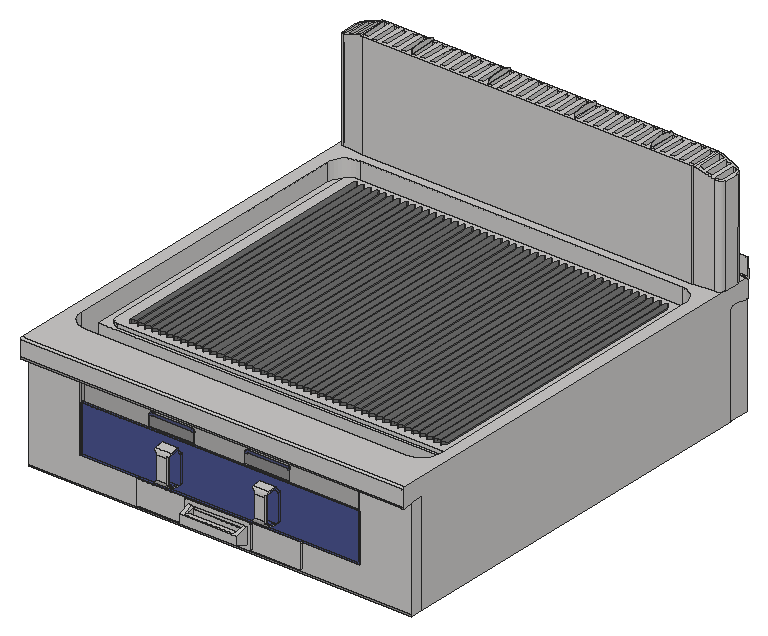
Revit family "QF_ELECTROLUXPROFESSIONAL_593323_MCHNABDOVO", category Specialty Equipment, Revit 2018
Family settings
  Round Connector Dimension = Use Diameter
  Part Type = Normal
  Work Plane-Based = No
  Always vertical = Yes
  Cut with Voids When Loaded = No
  Shared = No
  Room Calculation Point = No
Parameters (values of type "Standard")
  Weight = 69.00 kg
  Watts = 0 W
  Volts = 0 V
  URL Manufacturer = "http://professional.electrolux.com"
  URL = "http://professional.electrolux.com"
  Steam Supply Size = 0"
  Steam Supply Minimum Pressure = 0.00 psi
  Steam Supply Maximum Pressure = 0.00 psi
  Steam Pounds per Hour = 0
  Show Clearance [instance] = yes
  Refrigeration Suction Line Size = 0 mm
  Refrigeration Liquid Line Size = 0 mm
  Refrigerant Compressor Remote = yes
  Phase = 0
  Model = "MCHNABDOVO"
  Manufacturer = "Electrolux Professional"
  Length Actual = 400 mm  # constant formula
  Item Number = "593323"
  Hot Water Size = 0"
  Height Actual = 250 mm  # constant formula
  HP = "0 HP"
  Gas Size = 1/2"
  Gas KW = 10
  Gas Input Pressure = 0.817856 Btu/h
  Direct Waste Size = 0"
  Description = "GAS FRYTOP,RBD,TOWNGAS,1Z,BS,400X900X250"
  Depth Actual = 900 mm  # constant formula
  Cycle = 0 Hz
  Condensate Return Size = 0"
  Compressed Air Volume = 0 GPM
  Compressed Air Size = 0"
  Compressed Air Pressure = 0.00 psi
  Cold Water Size = 0"
  Accessory = yes
Reference planes
  plane 1 "BACK": y = 0
  plane 2: z = 0
  plane 3 "LEFT": x = 0
  plane 4 "RIGHT": x = 800
  plane 5 "FRONT": y = -900
  plane 6 "TOP": z = 250
  plane 7: x = 400
  plane 8: y = -450
  plane 9: z = 481
  plane 10: y = -1330
Forms (mm)
  Extrusion 1, solid, material "QF_Finishes_Stainless Steel"
    sketch origin (0, -487.128, 0) x (0, 1, 0) y (0, 0, 1)
      loop
        line (483.128, 250) -> (-408.872, 250)
        arc (-408.872, 250) -> (-411.7, 248.828) -> (-412.872, 246) r 4
        line (-412.872, 246) -> (-412.872, 214)
        arc (-412.872, 214) -> (-411.443, 210.936) -> (-408.177, 210.061) r 4
        line (-408.177, 210.061) -> (-391.509, 213) -> (-366.872, 213) -> (-366.872, 0) -> (441.128, 0) -> (441.128, 213) -> (465.765, 213) -> (482.433, 210.061)
        arc (482.433, 210.061) -> (485.699, 210.936) -> (487.128, 214) r 4
        line (487.128, 214) -> (487.128, 246)
        arc (487.128, 246) -> (485.956, 248.828) -> (483.128, 250) r 4
    from 0 to 800
  Extrusion 2, void
    sketch origin (653.786, 44.048, 250) x (1, 0, 0) y (0, -1, 0)
      loop
        line (-590.636, 138.048) -> (83.064, 138.048)
        arc (83.064, 138.048) -> (110.04, 149.222) -> (121.214, 176.198) r 38.15
        line (121.214, 176.198) -> (121.214, 816.572)
        arc (121.214, 816.572) -> (109.944, 843.779) -> (82.737, 855.048) r 38.476
        line (82.737, 855.048) -> (-591.786, 855.048)
        arc (-591.786, 855.048) -> (-617.949, 844.211) -> (-628.786, 818.048) r 37
        line (-628.786, 818.048) -> (-628.786, 176.198)
        arc (-628.786, 176.198) -> (-617.613, 149.222) -> (-590.636, 138.048) r 38.15
    from 0 to 37
  Extrusion 3, void
    sketch origin (1307.573, 92.096, 213) x (0, 1, 0) y (1, 0, 0)
      loop
        line (-821.846, -532.573) -> (-864.62, -532.573)
        arc (-864.62, -532.573) -> (-891.827, -543.842) -> (-903.096, -571.049) r 38.476
        line (-903.096, -571.049) -> (-903.096, -1245.573)
        arc (-903.096, -1245.573) -> (-892.259, -1271.736) -> (-866.096, -1282.573) r 37
        line (-866.096, -1282.573) -> (-821.846, -1282.573) -> (-821.846, -532.573)
    from 0 to 25.6
  Extrusion 4, void
    sketch origin (1612.573, 92.096, 187.4) x (-1, 0, 0) y (0, 1, 0)
      loop
        circle (1212.573, -862.096) r 22.248
    from 0 to 92
  Extrusion 5, solid, material "QF_Finishes_Stainless Steel"
    sketch origin (0, -854, 0) x (1, 0, 0) y (0, -1, 0)
      loop
        circle (765, -264) r 6.35
    from 0 to 3.2
  Extrusion 6, solid, material "QF_Door-Drawer Clearances", visible <- "Show Clearance", detail levels coarse
    sketch origin (437.31, -881.593, 8.62) x (0, 0, 1) y (-1, 0, 0)
      loop
        line (1.973, -134.295) -> (49.317, -134.295)
        arc (49.317, -134.295) -> (50.776, -133.691) -> (51.38, -132.232) r 2.063
        line (51.38, -132.232) -> (51.38, 206.852)
        arc (51.38, 206.852) -> (50.88, 208.549) -> (49.541, 209.705) r 3.133
        line (49.541, 209.705) -> (3.067, 209.705)
        arc (3.067, 209.705) -> (0.898, 208.807) -> (0, 206.638) r 3.067
        line (0, 206.638) -> (0, -132.322)
        arc (0, -132.322) -> (0.578, -133.717) -> (1.973, -134.295) r 1.973
    from 0 to 448.407
  Extrusion 7, solid, material "QF_Clearances", visible <- "Show Clearance", detail levels coarse
    sketch origin (-178.969, -4572, 0) x (-1, 0, 0) y (0, -1, 0)
      loop
        line (-78.969, -3672) -> (-178.969, -3672) -> (-178.969, -4572) -> (-978.969, -4572) -> (-978.969, -3672) -> (-1078.969, -3672) -> (-1078.969, -4672) -> (-78.969, -4672) -> (-78.969, -3672)
    from 0 to 250
  Extrusion 8, solid, material "QF_Finishes_Stainless Steel"
    sketch origin (0, 0, 0) x (0, 1, 0) y (0, 0, 1)
      loop
        line (-2.951, 1.994) -> (-2.951, 210.127)
        arc (-2.951, 210.127) -> (-3.795, 210.003) -> (-4.646, 210.061) r 4
        line (-4.646, 210.061) -> (-21.287, 212.994) -> (-45, 212.994) -> (-45, -0.006) -> (-4.951, -0.006)
        arc (-4.951, -0.006) -> (-3.537, 0.58) -> (-2.951, 1.994) r 2
      loop
        arc (-1.951, 252) -> (-2.537, 250.586) -> (-3.951, 250) r 2
        arc (-3.951, 250) -> (-1.172, 248.823) -> (0, 245.994) r 4
        line (0, 245.994) -> (0, 288) -> (-1.951, 288) -> (-1.951, 252)
    from 800 to 0
Cuts and joins
  Extrusion 2, Extrusion 3, Extrusion 4 cuts Extrusion 1
Lines and regions (mm)
  symbolic lines
    curve 1: line (493.666, -902.326, 0) -> (493.666, -900, 0)
    curve 2: spline (499.334, -903.73, 0) -> (498.856, -903.657, 0) -> (498.378, -903.575, 0) -> (497.901, -903.486, 0) -> (497.425, -903.389, 0) -> (496.95, -903.283, 0) -> (496.476, -903.17, 0) -> (496.004, -903.049, 0) -> (495.533, -902.92, 0) -> (495.064, -902.783, 0) -> (494.596, -902.638, 0) -> (494.13, -902.486, 0) -> (493.666, -902.326, 0)
    curve 3: line (525.881, -902.326, 0) -> (525.881, -900, 0)
    curve 4: spline (525.881, -902.326, 0) -> (525.417, -902.486, 0) -> (524.951, -902.638, 0) -> (524.483, -902.783, 0) -> (524.014, -902.92, 0) -> (523.543, -903.049, 0) -> (523.071, -903.17, 0) -> (522.597, -903.283, 0) -> (522.122, -903.389, 0) -> (521.646, -903.486, 0) -> (521.169, -903.575, 0) -> (520.691, -903.657, 0) -> (520.213, -903.73, 0)
    curve 5: line (499.334, -903.73, 0) -> (520.213, -903.73, 0)
    curve 6: line (25, -774, 0) -> (25, -132.15, 0)
    curve 7: arc (25, -132.15, 0) -> (36.174, -105.174, 0) -> (63.15, -94, 0) r 38.15
    curve 8: line (63.15, -94, 0) -> (736.85, -94, 0)
    curve 9: arc (736.85, -94, 0) -> (763.826, -105.174, 0) -> (775, -132.15, 0) r 38.15
    curve 10: line (775, -132.15, 0) -> (775, -772.524, 0)
    curve 11: arc (775, -772.524, 0) -> (763.731, -799.731, 0) -> (736.524, -811, 0) r 38.476
    curve 12: line (736.524, -811, 0) -> (62, -811, 0)
    curve 13: arc (62, -811, 0) -> (35.837, -800.163, 0) -> (25, -774, 0) r 37
    curve 14: line (775, -729.75, 0) -> (25, -729.75, 0)
    curve 15: circle (400, -770, 0) r 22.248 normal (0, 0, -1)
    curve 16: line (0, 0, 0) -> (800, 0, 0)
    curve 17: line (0, -900, 0) -> (0, 0, 0)
    curve 18: line (800, -900, 0) -> (0, -900, 0)
    curve 19: line (800, 0, 0) -> (800, -900, 0)
    curve 20: line (347.608, -908.767, 0) -> (450.042, -908.767, 0)
    curve 21: line (450.042, -908.767, 0) -> (451.588, -900, 0)
    curve 22: line (347.608, -908.767, 0) -> (346.062, -900, 0)
    curve 29: line (0, -1.951, 0) -> (800, -1.951, 0)
  symbolic lines, style "QF_Door-Drawer Clearances"
    curve 23: line (227.605, -1330, 0) -> (227.605, -900, 0)
    curve 24: line (227.605, -1330, 0) -> (571.605, -1330, 0)
    curve 25: line (571.605, -1330, 0) -> (571.605, -900, 0)
  symbolic lines, style "QF_Clearances", visible <- "Show Clearance", detail levels coarse
    curve 26: line (-100, 100, 0) -> (-100, -900, 0)
    curve 27: line (900, 100, 0) -> (-100, 100, 0)
    curve 28: line (900, -900, 0) -> (900, 100, 0)
Dimensions and locks
  plane 3 "LEFT" to plane 4 "RIGHT" = 800 mm
  plane 5 "FRONT" to plane 1 "BACK" = 900 mm
  equal spacing: plane 3 "LEFT", plane 7, plane 4 "RIGHT"
  equal spacing: plane 5 "FRONT", plane 8, plane 1 "BACK"
  plane 6 "TOP" to level = 250 mm  (x2)
  plane 1 "BACK" to plane 5 "FRONT" = 900 mm
  Extrusion 5 sketch curve to plane 1 "BACK" = 590 mm
  Extrusion 5 sketch curve to plane 4 "RIGHT" = 35 mm
  plane 5 "FRONT" to plane 10 = 430 mm
  plane 9 to plane 6 "TOP" = 231 mm
  plane 9 to level = 481 mm
  Extrusion 7 to plane 3 "LEFT" = 100 mm
  plane 4 "RIGHT" to Extrusion 7 = 100 mm
  plane 1 "BACK" to Extrusion 7 = 100 mm
  aligned and locked: level to plane 2
  aligned and locked: Extrusion 6 to plane 10
  aligned and locked: plane 6 "TOP" to Extrusion 7
  aligned and locked: cut or joined group of Extrusion 1, Extrusion 2, Extrusion 3, Extrusion 4 to plane 4 "RIGHT"
  aligned and locked: plane 7 to nested 1
  aligned and locked: plane 7 to nested 2
  aligned and locked: Extrusion 8 to plane 4 "RIGHT"
  aligned and locked: plane 7 to nested 3
Automatic sketch dimensions
  Extrusion 1 to Extrusion 2 sketch curve = 90 mm
  Extrusion 1 to Extrusion 2 sketch curve = 122 mm
  Extrusion 1 to Extrusion 2 sketch curve = 25 mm
  Extrusion 2 sketch curve to Extrusion 2 sketch curve = 38.15 mm  (x2)
  Extrusion 1 to Extrusion 2 sketch curve = 123.476 mm
  Extrusion 1 to Extrusion 2 sketch curve = 85 mm
  Extrusion 2 sketch curve to Extrusion 2 sketch curve = 674.524 mm
  Extrusion 1 sketch curve to plane 5 "FRONT" = 0 mm
  Extrusion 1 sketch curve to plane 6 "TOP" = 0 mm
  Extrusion 1 sketch curve to level = 0 mm
  Extrusion 1 sketch curve to plane 1 "BACK" = 0 mm
  Extrusion 1 sketch curve to plane 6 "TOP" = 37 mm  (x2)
  Extrusion 1 sketch curve to plane 5 "FRONT" = 4 mm
  Extrusion 1 sketch curve to plane 5 "FRONT" = 21.363 mm
  Extrusion 1 sketch curve to plane 5 "FRONT" = 46 mm
  plane 1 "BACK" to Extrusion 1 sketch curve = 21.363 mm
  plane 1 "BACK" to Extrusion 1 sketch curve = 4 mm  (x2)
  Extrusion 1 sketch curve to Extrusion 1 sketch curve = 4 mm
  Extrusion 1 sketch curve to Extrusion 1 sketch curve = 0.695 mm
  Extrusion 1 sketch curve to Extrusion 1 sketch curve = 0 mm  (x4)
  plane 1 "BACK" to Extrusion 1 sketch curve = 4.695 mm
  Extrusion 1 sketch curve to Extrusion 1 sketch curve = 1 mm  (x2)
  plane 1 "BACK" to Extrusion 1 sketch curve = 46 mm
  Extrusion 3 sketch curve to Extrusion 2 = 81.25 mm
  Extrusion 2 to Extrusion 3 sketch curve = 0 mm  (x2)
  Extrusion 3 sketch curve to Extrusion 3 sketch curve = 37 mm
  Extrusion 3 sketch curve to Extrusion 3 sketch curve = 674.524 mm
  Extrusion 3 sketch curve to Extrusion 2 = 38.476 mm
  Extrusion 4 sketch curve to Extrusion 3 = 41 mm
  Extrusion 4 sketch curve to Extrusion 3 = 375 mm
  plane 1 "BACK" to Extrusion 7 sketch curve = 0 mm
  plane 5 "FRONT" to Extrusion 7 sketch curve = 0 mm  (x2)
  Extrusion 7 sketch curve to plane 4 "RIGHT" = 100 mm
  Extrusion 7 sketch curve to plane 1 "BACK" = 100 mm
  Extrusion 7 sketch curve to plane 3 "LEFT" = 100 mm
  Extrusion 7 sketch curve to plane 3 "LEFT" = 0 mm
  Extrusion 7 sketch curve to plane 4 "RIGHT" = 0 mm
  level to Extrusion 6 sketch curve = 8.62 mm
  level to Extrusion 6 sketch curve = 57.937 mm
  plane 7 to Extrusion 6 sketch curve = 171.605 mm
  Extrusion 6 sketch curve to Extrusion 6 sketch curve = 1.973 mm
  Extrusion 6 sketch curve to Extrusion 6 sketch curve = 3.067 mm
  Extrusion 6 sketch curve to Extrusion 6 sketch curve = 46.474 mm
  Extrusion 6 sketch curve to Extrusion 6 sketch curve = 2.063 mm
  Extrusion 6 sketch curve to Extrusion 6 sketch curve = 3.133 mm
  Extrusion 6 sketch curve to plane 7 = 169.328 mm
  Extrusion 8 sketch curve to plane 1 "BACK" = 0 mm  (x2)
  Extrusion 8 sketch curve to level = 0.006 mm
  Extrusion 8 sketch curve to plane 6 "TOP" = 0 mm
  Extrusion 8 sketch curve to Extrusion 8 sketch curve = 1.951 mm
  plane 1 "BACK" to Extrusion 8 sketch curve = 2.951 mm
  Extrusion 8 sketch curve to Extrusion 8 sketch curve = 2 mm  (x2)
  Extrusion 8 sketch curve to Extrusion 8 sketch curve = 18.335 mm
  Extrusion 8 sketch curve to Extrusion 8 sketch curve = 40.049 mm
  Extrusion 8 sketch curve to Extrusion 8 sketch curve = 1.695 mm
  Extrusion 8 sketch curve to Extrusion 8 sketch curve = 0 mm  (x3)
  Extrusion 8 sketch curve to Extrusion 8 sketch curve = 4 mm
  plane 1 "BACK" to Extrusion 8 sketch curve = 3.951 mm
  Extrusion 8 sketch curve to plane 6 "TOP" = 39.873 mm
  Extrusion 8 sketch curve to plane 6 "TOP" = 37.006 mm
  Extrusion 8 sketch curve to Extrusion 8 sketch curve = 36 mm
  Extrusion 8 sketch curve to Extrusion 8 sketch curve = 0.066 mm
  Extrusion 8 sketch curve to plane 6 "TOP" = 4.006 mm
  plane 1 "BACK" to curve 16 = 0 mm
  curve 25 to plane 10 = 0 mm
  curve 17 to plane 3 "LEFT" = 0 mm
  plane 5 "FRONT" to curve 18 = 0 mm
  plane 5 "FRONT" to curve 28 = 0 mm
  curve 29 to plane 4 "RIGHT" = 0 mm
  curve 15 to plane 7 = 0 mm
  plane 5 "FRONT" to curve 26 = 0 mm
  curve 27 to plane 4 "RIGHT" = 100 mm
  plane 4 "RIGHT" to curve 10 = 25 mm
  curve 10 to curve 12 = 38.476 mm
  plane 7 to curve 25 = 171.605 mm
  plane 5 "FRONT" to curve 3 = 2.326 mm
  curve 25 to curve 3 = 45.724 mm
  plane 5 "FRONT" to curve 5 = 3.73 mm
  curve 4 to curve 5 = 5.669 mm
  curve 5 to curve 5 = 20.878 mm
  plane 5 "FRONT" to curve 1 = 2.326 mm
  curve 2 to curve 1 = 5.669 mm
  plane 5 "FRONT" to curve 21 = 8.767 mm
  curve 2 to curve 21 = 43.623 mm
  curve 22 to plane 7 = 52.392 mm
  curve 23 to plane 7 = 172.395 mm
  plane 3 "LEFT" to curve 12 = 62 mm
  plane 3 "LEFT" to curve 6 = 25 mm
  curve 27 to plane 3 "LEFT" = 100 mm
  curve 3 to curve 4 = 9.839 mm
  plane 5 "FRONT" to curve 2 = 4.032 mm
  curve 2 to curve 5 = 4.17 mm
  curve 21 to curve 20 = 1.546 mm
  curve 20 to curve 22 = 1.546 mm
  curve 26 to plane 1 "BACK" = 100 mm
  plane 1 "BACK" to curve 8 = 94 mm
  plane 1 "BACK" to curve 29 = 1.951 mm
  curve 15 to plane 5 "FRONT" = 130 mm
  curve 2 to curve 4 = 0 mm
  plane 4 "RIGHT" to curve 8 = 63.15 mm
  plane 1 "BACK" to curve 6 = 132.15 mm
  curve 10 to plane 5 "FRONT" = 127.476 mm
  curve 14 to curve 13 = 44.25 mm
  radius of Extrusion 4 sketch curve = 22.248 mm
  radius of Extrusion 5 sketch curve = 6.35 mm
  radius of curve 15 = 22.248 mm
Nested families
  nested 1: "GG_900_800 Front Panel with Center Grease Trap" at (0, -854, -650), type "GG_900_800 Front Panel with Center Grease Trap"
  nested 2: "GG_900_Backsplash for 800 fryer" at (388.888, -5, -635.571), type "GG_900_Backsplash for 800 fryer"
  nested 3: "GG_900_800 mm Full Grate" at (400, -411.875, -675), type "GG_900_800 mm Full Grate"
Connectors
  piping at (765, -590, -3.2), diameter 12.8
    settings: on Extrusion 5, index 1, connector inside diameter 0.50394", connector length 0 mm, flow factor 0, pipe flow 0 GPM, pressure drop 0.00 psi, fitting loss kfactor 0, connector angle 0.00°, fixture units 0, engagement length 0 mm, angle of deflection 0.00°, flow configuration 1, flow direction 1, fitting loss method 0, system type 7, joint type 0, gender type 0, connector reference index -1, connector utility 0, adjustable connector no, is connector primary yes, connector description "GAS CONNECTION"
Definition of nested family "GG_900_800 Front Panel with Center Grease Trap"
  Reference planes
    plane 1 "Center (Front/Back)": y = 0
    plane 2: z = 0
    plane 3 "Center (Left/Right)": x = 0
    plane 4: y = -26.492
    plane 5: x = 400
    plane 6: x = 522.091
    plane 7: x = 319.468
  Forms (mm)
    Extrusion 1, solid
      sketch origin (1033.217, 829.203, -1.25) x (0, 1, 0) y (0, 0, 1)
        loop
          arc (-854.203, 654.25) -> (-853.324, 652.129) -> (-851.203, 651.25) r 3
          line (-851.203, 651.25) -> (-829.203, 651.25) -> (-829.203, 864.25) -> (-854.203, 864.25) -> (-854.203, 654.25)
      from -1033.217 to -233.217
    Extrusion 2, void
      sketch origin (1033.217, 829.203, -1.25) x (1, 0, 0) y (0, 0, 1)
        loop
          line (-341.217, 853.25) -> (-925.217, 853.25) -> (-925.217, 711.25) -> (-341.217, 711.25) -> (-341.217, 853.25)
      from 843.409 to 854.203
  Cuts and joins
    Extrusion 2 cuts Extrusion 1
  Dimensions and locks
    cut or joined group of Extrusion 1, Extrusion 2 to cut or joined group of Extrusion 1, Extrusion 2 = 108 mm
    nested 2 to plane 3 "Center (Left/Right)" = 108 mm
    nested 2 to plane 3 "Center (Left/Right)" = 252.97 mm
    cut or joined group of Extrusion 1, Extrusion 2 to nested 2 = 253.275 mm
    cut or joined group of Extrusion 1, Extrusion 2 to nested 4 = 297.909 mm
    nested 3 to plane 3 "Center (Left/Right)" = 298.218 mm
    aligned and locked: nested 1 to nested 2
  Nested families
    nested 1: "grease trap door" at (467.599, -25, 0.608) x (-1, 0, 0) z (0, 0, 1), type "grease trap door"
    nested 2: "Long Glass Control Panel w-Two Reads" at (108, -25, 5.811), type "Long Glass Control Panel w-Two Reads"
    nested 3: "Range Control Handle" at (298.218, -28.137, -207.75), type "Range Control Handle"
    nested 4: "Range Control Handle" at (502.091, -28.137, -207.75), type "Range Control Handle"
  Definition of nested family "grease trap door"
    Reference planes
      plane 1 "Center (Front/Back)": y = 0
      plane 2: z = 0
      plane 3 "Center (Left/Right)": x = 0
    Forms (mm)
      Extrusion 1, solid
        sketch origin (1627.55, 854.203, -1.25) x (1, 0, 0) y (0, 0, 1)
          loop
            arc (-1627.55, 661.235) -> (-1626.972, 659.84) -> (-1625.577, 659.262) r 1.973
            line (-1625.577, 659.262) -> (-1494.325, 659.262)
            arc (-1494.325, 659.262) -> (-1492.156, 660.16) -> (-1491.258, 662.329) r 3.067
            line (-1491.258, 662.329) -> (-1491.258, 708.803)
            arc (-1491.258, 708.803) -> (-1492.414, 710.143) -> (-1494.111, 710.642) r 3.133
            line (-1494.111, 710.642) -> (-1625.486, 710.642)
            arc (-1625.486, 710.642) -> (-1626.945, 710.038) -> (-1627.55, 708.579) r 2.063
            line (-1627.55, 708.579) -> (-1627.55, 661.235)
        from 856.795 to 859.203
      Extrusion 2, solid
        sketch origin (445.874, 2476.61, 0) x (0, 1, 0) y (0, 0, 1)
          loop
            line (-2506.377, 675.273) -> (-2481.61, 667.505) -> (-2481.61, 700.995) -> (-2506.377, 693.227) -> (-2506.377, 675.273)
        from -437.68 to -317.68
      Extrusion 3, void
        sketch origin (1627.55, 854.203, -1.25) x (1, 0, 0) y (0, 0, 1)
          loop
            line (-1614.883, 703) -> (-1610.542, 695.433) -> (-1508.17, 695.433) -> (-1503.828, 703) -> (-1614.883, 703)
          loop
            line (-1614.883, 668) -> (-1502.669, 668) -> (-1507.01, 675.567) -> (-1610.542, 675.567) -> (-1614.883, 668)
        from 832.916 to 883.97
      Extrusion 4, void
        sketch origin (447.55, 854.203, -1.25) x (1, 0, 0) y (0, 0, 1)
          loop
            line (-430.542, 695.433) -> (-430.542, 675.567) -> (-328.17, 675.567) -> (-328.17, 695.433) -> (-430.542, 695.433)
        from 859.203 to 874.202
      Extrusion 5, solid
        sketch origin (1627.55, 854.203, -1.25) x (1, 0, 0) y (0, 0, 1)
          loop
            arc (-1731.556, 661.235) -> (-1730.978, 659.84) -> (-1729.583, 659.262) r 1.973
            line (-1729.583, 659.262) -> (-1390.623, 659.262)
            arc (-1390.623, 659.262) -> (-1388.454, 660.16) -> (-1387.556, 662.329) r 3.067
            line (-1387.556, 662.329) -> (-1387.556, 708.803)
            arc (-1387.556, 708.803) -> (-1388.712, 710.143) -> (-1390.409, 710.642) r 3.133
            line (-1390.409, 710.642) -> (-1729.493, 710.642)
            arc (-1729.493, 710.642) -> (-1730.952, 710.038) -> (-1731.556, 708.579) r 2.063
            line (-1731.556, 708.579) -> (-1731.556, 661.235)
        from 854.203 to 856.795
    Cuts and joins
      Extrusion 3 cuts Extrusion 1
      Extrusion 3, Extrusion 4 cuts Extrusion 2
      joined: Extrusion 1, Extrusion 2
    Lines and regions (mm)
      symbolic lines
        curve 1: line (0, -2.593, 0) -> (136.292, -2.593, 0)
        curve 2: line (17.557, -29.767, 0) -> (12.667, -2.593, 0)
        curve 3: line (17.557, -29.767, 0) -> (119.991, -29.767, 0)
        curve 4: line (119.991, -29.767, 0) -> (124.881, -2.593, 0)
        curve 5: line (68.146, -2.593, 0) -> (68.146, -29.767, 0)
      model lines
        curve 6: line (67.599, 0, 658.012) -> (67.599, 0, 709.392)
    Dimensions and locks
      aligned and locked: Extrusion 2 to Extrusion 1
      aligned and locked: Extrusion 3 to Extrusion 2
      aligned and locked: Extrusion 4 to Extrusion 1
  Definition of nested family "Long Glass Control Panel w-Two Reads"
    Reference planes
      plane 1 "Center (Front/Back)": y = 0
      plane 2: z = 0
      plane 3 "Center (Left/Right)": x = 0
      plane 4: x = 584
      plane 5: x = 581.091
      plane 6: x = 350
      plane 7: x = 233.749
      plane 8 "Top": z = 846.189
      plane 9 "Center": x = 292
    Forms (mm)
      Extrusion 1, solid
        sketch origin (550.286, 304.8, -4.308) x (1, 0, 0) y (0, 0, 1)
          loop
            line (-550.286, 806.791) -> (-550.286, 708.497) -> (33.714, 708.497) -> (33.714, 806.791) -> (-550.286, 806.791)
        from 300.031 to 304.8
      Extrusion 2, solid
        sketch origin (550.286, 304.8, -4.308) x (1, 0, 0) y (0, 0, 1)
          loop
            line (-550.286, 850.497) -> (-550.286, 806.791) -> (33.714, 806.791) -> (33.714, 850.497) -> (-550.286, 850.497)
        from 300.031 to 304.8
      Extrusion 3, solid
        sketch origin (550.286, 305.901, -4.308) x (1, 0, 0) y (0, 0, 1)
          loop
            line (-311.561, 812.62) -> (-311.561, 834.177) -> (-316.37, 834.177) -> (-318.169, 835.977) -> (-398.599, 835.977) -> (-400.399, 834.177) -> (-405.316, 834.177) -> (-405.316, 812.62) -> (-311.561, 812.62)
          loop
            line (-111.561, 812.62) -> (-111.561, 834.177) -> (-116.37, 834.177) -> (-118.169, 835.977) -> (-198.599, 835.977) -> (-200.399, 834.177) -> (-205.316, 834.177) -> (-205.316, 812.62) -> (-111.561, 812.62)
        from 304.798 to 306.745
      Extrusion 4, solid
        sketch origin (550.286, 305.901, -4.308) x (1, 0, 0) y (0, 0, 1)
          loop
            line (-318.121, 835.977) -> (-316.321, 834.177) -> (-311.611, 834.177)
            arc (-311.611, 834.177) -> (-312.787, 838.752) -> (-317.062, 840.763) r 5.549
            line (-317.062, 840.763) -> (-399.768, 840.763)
            arc (-399.768, 840.763) -> (-404.024, 838.747) -> (-405.16, 834.177) r 5.5
            line (-405.16, 834.177) -> (-400.351, 834.177) -> (-398.551, 835.977) -> (-318.121, 835.977)
          loop
            line (-200.222, 834.177) -> (-198.422, 835.977) -> (-117.993, 835.977) -> (-116.193, 834.177) -> (-111.482, 834.177)
            arc (-111.482, 834.177) -> (-112.659, 838.752) -> (-116.934, 840.763) r 5.549
            line (-116.934, 840.763) -> (-199.639, 840.763)
            arc (-199.639, 840.763) -> (-203.895, 838.747) -> (-205.031, 834.177) r 5.5
            line (-205.031, 834.177) -> (-200.222, 834.177)
        from 304.798 to 306.745
      Extrusion 5, void
        sketch origin (550.286, 304.8, -4.308) x (1, 0, 0) y (0, 0, 1)
          loop
            line (-547.628, 847.565) -> (-547.628, 710.699) -> (30.804, 710.699) -> (30.804, 847.565) -> (-547.628, 847.565)
        from 303.697 to 304.8
    Cuts and joins
      Extrusion 5 cuts Extrusion 1
      Extrusion 5 cuts Extrusion 2
      Extrusion 5 cuts Extrusion 3
      Extrusion 5 cuts Extrusion 4
    Lines and regions (mm)
      symbolic lines
        curve 1: line (0, 4.769, 0) -> (584, 4.769, 0)
    Dimensions and locks
      plane 4 to plane 3 "Center (Left/Right)" = 584 mm
      locked: plane 4 to plane 5 at 2.909
      plane 4 to plane 6 = 234 mm
      plane 7 to plane 3 "Center (Left/Right)" = 233.749 mm
      aligned and locked: Extrusion 1 to Extrusion 2
      aligned and locked: Extrusion 3 to Extrusion 4
  Definition of nested family "Range Control Handle"
    Reference planes
      plane 1 "Center (Front/Back)": y = 0
      plane 2: z = 0
      plane 3 "Center (Left/Right)": x = 0
      plane 4: z = 971.092
    Forms (mm)
      Extrusion 1, solid
        sketch origin (-746.28, 380.497, 208.931) x (-1, 0, 0) y (0, 0, 1)
          loop
            line (-770.101, 786.798) -> (-770.101, 731.649)
            arc (-770.101, 731.649) -> (-769.759, 730.563) -> (-768.855, 729.87) r 1.893
            line (-768.855, 729.87) -> (-763.474, 727.911) -> (-729.81, 727.911) -> (-724.428, 729.87)
            arc (-724.428, 729.87) -> (-723.525, 730.563) -> (-723.183, 731.649) r 1.893
            line (-723.183, 731.649) -> (-723.183, 786.798)
            arc (-723.183, 786.798) -> (-723.529, 787.894) -> (-724.44, 788.593) r 1.91
            line (-724.44, 788.593) -> (-729.683, 790.819) -> (-763.601, 790.819) -> (-768.844, 788.593)
            arc (-768.844, 788.593) -> (-769.755, 787.894) -> (-770.101, 786.798) r 1.91
        from -382.35 to -378.852
      Sweep 2, solid
        path origin (-746.788, 380.496, 208.091) x (0, -1, 0) y (0, 0, 1)
          loop
            line (379.775, 793.281) -> (395.661, 791.048)
            arc (395.661, 791.048) -> (397.781, 787.377) -> (398.517, 783.202) r 12.207
            line (398.517, 783.202) -> (398.517, 737.368)
            arc (398.517, 737.368) -> (397.781, 733.193) -> (395.661, 729.522) r 12.207
            line (395.661, 729.522) -> (379.775, 727.289)
        profile origin (-746.788, -7.222, 1000.256) x (0, -0.139173, 0.990268) y (-1, 0, 0)
          loop
            line (0.782, -763.123) -> (0.782, -730.907) -> (-1.322, -730.907) -> (-1.322, -763.123) -> (0.782, -763.123)
      Sweep 3, solid
        path origin (-746.788, 380.715, 207.832) x (0, -1, 0) y (0, 0, 1)
          loop
            line (380.478, 795.442) -> (397.218, 793.09)
            arc (397.218, 793.09) -> (399.929, 788.473) -> (400.871, 783.202) r 15.207
            line (400.871, 783.202) -> (400.871, 737.584)
            arc (400.871, 737.584) -> (399.914, 732.274) -> (397.164, 727.633) r 15.207
            line (397.164, 727.633) -> (380.601, 725.305)
        profile origin (-746.788, -8.132, 1002.099) x (0, -0.139173, 0.990268) y (-1, 0, 0)
          loop
            line (0.782, -763.123) -> (0.782, -730.907) -> (-1.322, -730.907) -> (-1.322, -763.123) -> (0.782, -763.123)
      Extrusion 4, void
        sketch origin (889.253, 220.666, 207.993) x (1, 0, 0) y (0, 0, 1)
          loop
            line (-943.038, 816.854) -> (-943.038, 703.686) -> (-899.466, 734.196) -> (-899.466, 786.344) -> (-943.038, 816.854)
        from 230.636 to 242.25
      Extrusion 5, void
        sketch origin (-888.8, 220.666, 207.993) x (-1, 0, 0) y (0, 0, -1)
          loop
            line (-943.038, -816.854) -> (-899.466, -786.344) -> (-899.466, -734.196) -> (-943.038, -703.686) -> (-943.038, -816.854)
        from 230.636 to 242.25
      Extrusion 6, solid
        sketch origin (0, 0, 0) x (1, 0, 0) y (0, 0, 1)
          loop
            circle (0, 971.092) r 7.736
        from -3.137 to -1.645
    Cuts and joins
      Extrusion 4, Extrusion 5 cuts Sweep 3
      Extrusion 4, Extrusion 5 cuts Sweep 2
      joined: Extrusion 1, Extrusion 6
    Lines and regions (mm)
      symbolic lines
        curve 1: line (23.821, 1.645, 0) -> (-23.097, 1.645, 0)
        curve 2: line (16.334, -1.853, 0) -> (23.821, -1.853, 0)
        curve 3: line (-15.881, -19.189, 0) -> (-15.881, -1.853, 0)
        curve 4: line (-23.097, -1.853, 0) -> (-15.881, -1.853, 0)
        curve 5: line (16.334, -19.189, 0) -> (16.334, -1.853, 0)
        curve 6: spline (-15.881, -19.189, 0) -> (-15.417, -19.349, 0) -> (-14.951, -19.501, 0) -> (-14.483, -19.646, 0) -> (-14.014, -19.783, 0) -> (-13.543, -19.912, 0) -> (-13.071, -20.033, 0) -> (-12.597, -20.146, 0) -> (-12.122, -20.251, 0) -> (-11.646, -20.349, 0) -> (-11.169, -20.438, 0) -> (-10.691, -20.52, 0) -> (-10.213, -20.593, 0)
        curve 7: spline (10.666, -20.593, 0) -> (11.144, -20.52, 0) -> (11.622, -20.438, 0) -> (12.099, -20.349, 0) -> (12.575, -20.251, 0) -> (13.05, -20.146, 0) -> (13.524, -20.033, 0) -> (13.996, -19.912, 0) -> (14.467, -19.783, 0) -> (14.936, -19.646, 0) -> (15.404, -19.501, 0) -> (15.87, -19.349, 0) -> (16.334, -19.189, 0)
        curve 8: line (-10.213, -20.938, 0) -> (10.716, -20.938, 0)
        curve 9: line (-23.097, 1.645, 0) -> (-23.097, -1.853, 0)
        curve 10: line (23.821, 1.645, 0) -> (23.821, -1.853, 0)
Definition of nested family "GG_900_Backsplash for 800 fryer"
  Reference planes
    plane 1 "Center (Front/Back)": y = 0
    plane 2: z = 0
    plane 3 "Center (Left/Right)": x = 11.112
    plane 4: x = -388.888
    plane 5: x = 411.112
    plane 6: y = -37.994
  Forms (mm)
    Extrusion 1, solid
      sketch origin (3208.371, -22.924, -275.679) x (1, 0, 0) y (0, 0, 1)
        loop
          line (-3597.259, 1365.162) -> (-3597.259, 1161.25) -> (-2797.259, 1161.25) -> (-2797.259, 1364.934) -> (-2841.553, 1381.055)
          arc (-2841.553, 1381.055) -> (-2844.994, 1381.949) -> (-2848.536, 1382.25) r 21
          line (-2848.536, 1382.25) -> (-3546.608, 1382.25)
          arc (-3546.608, 1382.25) -> (-3550.146, 1381.95) -> (-3553.582, 1381.058) r 21
          line (-3553.582, 1381.058) -> (-3597.259, 1365.162)
      from -17.885 to 48.024
    Extrusion 2, void
      sketch origin (3108.387, -925.98, -226.348) x (1, 0, 0) y (0, 1, 0)
        loop
          line (-3444.887, 915.362) -> (-3444.887, 861.502) -> (-3434.887, 861.502) -> (-3434.887, 915.362) -> (-3444.887, 915.362)
      from 1111.919 to 1332.919
    Extrusion 3, void
      sketch origin (3789.012, -925.98, -226.348) x (1, 0, 0) y (0, 1, 0)
        loop
          line (-3444.887, 915.362) -> (-3444.887, 861.502) -> (-3434.887, 861.502) -> (-3434.887, 915.362) -> (-3444.887, 915.362)
      from 1111.919 to 1332.919
    Extrusion 4, void
      sketch origin (3128.405, -925.98, -226.348) x (1, 0, 0) y (0, 1, 0)
        loop
          line (-3444.887, 915.362) -> (-3444.887, 861.502) -> (-3434.887, 861.502) -> (-3434.887, 915.362) -> (-3444.887, 915.362)
      from 1111.919 to 1332.919
    Extrusion 5, void
      sketch origin (3148.424, -925.98, -226.348) x (1, 0, 0) y (0, 1, 0)
        loop
          line (-3444.887, 915.362) -> (-3444.887, 861.502) -> (-3434.887, 861.502) -> (-3434.887, 915.362) -> (-3444.887, 915.362)
      from 1111.919 to 1332.919
    Extrusion 6, void
      sketch origin (3168.442, -925.98, -226.348) x (1, 0, 0) y (0, 1, 0)
        loop
          line (-3444.887, 915.362) -> (-3444.887, 861.502) -> (-3434.887, 861.502) -> (-3434.887, 915.362) -> (-3444.887, 915.362)
      from 1111.919 to 1332.919
    Extrusion 7, void
      sketch origin (3188.46, -925.98, -226.348) x (1, 0, 0) y (0, 1, 0)
        loop
          line (-3444.887, 915.362) -> (-3444.887, 861.502) -> (-3434.887, 861.502) -> (-3434.887, 915.362) -> (-3444.887, 915.362)
      from 1111.919 to 1332.919
    Extrusion 8, void
      sketch origin (3208.479, -925.98, -226.348) x (1, 0, 0) y (0, 1, 0)
        loop
          line (-3444.887, 915.362) -> (-3444.887, 861.502) -> (-3434.887, 861.502) -> (-3434.887, 915.362) -> (-3444.887, 915.362)
      from 1111.919 to 1332.919
    Extrusion 9, void
      sketch origin (3228.497, -925.98, -226.348) x (1, 0, 0) y (0, 1, 0)
        loop
          line (-3444.887, 915.362) -> (-3444.887, 861.502) -> (-3434.887, 861.502) -> (-3434.887, 915.362) -> (-3444.887, 915.362)
      from 1111.919 to 1332.919
    Extrusion 10, void
      sketch origin (3248.516, -925.98, -226.348) x (1, 0, 0) y (0, 1, 0)
        loop
          line (-3444.887, 915.362) -> (-3444.887, 861.502) -> (-3434.887, 861.502) -> (-3434.887, 915.362) -> (-3444.887, 915.362)
      from 1111.919 to 1332.919
    Extrusion 11, void
      sketch origin (3268.534, -925.98, -226.348) x (1, 0, 0) y (0, 1, 0)
        loop
          line (-3444.887, 915.362) -> (-3444.887, 861.502) -> (-3434.887, 861.502) -> (-3434.887, 915.362) -> (-3444.887, 915.362)
      from 1111.919 to 1332.919
    Extrusion 12, void
      sketch origin (3288.552, -925.98, -226.348) x (1, 0, 0) y (0, 1, 0)
        loop
          line (-3444.887, 915.362) -> (-3444.887, 861.502) -> (-3434.887, 861.502) -> (-3434.887, 915.362) -> (-3444.887, 915.362)
      from 1111.919 to 1332.919
    Extrusion 13, void
      sketch origin (3308.571, -925.98, -226.348) x (1, 0, 0) y (0, 1, 0)
        loop
          line (-3444.887, 915.362) -> (-3444.887, 861.502) -> (-3434.887, 861.502) -> (-3434.887, 915.362) -> (-3444.887, 915.362)
      from 1111.919 to 1332.919
    Extrusion 14, void
      sketch origin (3328.589, -925.98, -226.348) x (1, 0, 0) y (0, 1, 0)
        loop
          line (-3444.887, 915.362) -> (-3444.887, 861.502) -> (-3434.887, 861.502) -> (-3434.887, 915.362) -> (-3444.887, 915.362)
      from 1111.919 to 1332.919
    Extrusion 15, void
      sketch origin (3348.607, -925.98, -226.348) x (1, 0, 0) y (0, 1, 0)
        loop
          line (-3444.887, 915.362) -> (-3444.887, 861.502) -> (-3434.887, 861.502) -> (-3434.887, 915.362) -> (-3444.887, 915.362)
      from 1111.919 to 1332.919
    Extrusion 16, void
      sketch origin (3368.626, -925.98, -226.348) x (1, 0, 0) y (0, 1, 0)
        loop
          line (-3444.887, 915.362) -> (-3444.887, 861.502) -> (-3434.887, 861.502) -> (-3434.887, 915.362) -> (-3444.887, 915.362)
      from 1111.919 to 1332.919
    Extrusion 17, void
      sketch origin (3388.644, -925.98, -226.348) x (1, 0, 0) y (0, 1, 0)
        loop
          line (-3444.887, 915.362) -> (-3444.887, 861.502) -> (-3434.887, 861.502) -> (-3434.887, 915.362) -> (-3444.887, 915.362)
      from 1111.919 to 1332.919
    Extrusion 18, void
      sketch origin (3408.663, -925.98, -226.348) x (1, 0, 0) y (0, 1, 0)
        loop
          line (-3444.887, 915.362) -> (-3444.887, 861.502) -> (-3434.887, 861.502) -> (-3434.887, 915.362) -> (-3444.887, 915.362)
      from 1111.919 to 1332.919
    Extrusion 19, void
      sketch origin (3428.681, -925.98, -226.348) x (1, 0, 0) y (0, 1, 0)
        loop
          line (-3444.887, 915.362) -> (-3444.887, 861.502) -> (-3434.887, 861.502) -> (-3434.887, 915.362) -> (-3444.887, 915.362)
      from 1111.919 to 1332.919
    Extrusion 20, void
      sketch origin (3448.699, -925.98, -226.348) x (1, 0, 0) y (0, 1, 0)
        loop
          line (-3444.887, 915.362) -> (-3444.887, 861.502) -> (-3434.887, 861.502) -> (-3434.887, 915.362) -> (-3444.887, 915.362)
      from 1111.919 to 1332.919
    Extrusion 21, void
      sketch origin (3468.718, -925.98, -226.348) x (1, 0, 0) y (0, 1, 0)
        loop
          line (-3444.887, 915.362) -> (-3444.887, 861.502) -> (-3434.887, 861.502) -> (-3434.887, 915.362) -> (-3444.887, 915.362)
      from 1111.919 to 1332.919
    Extrusion 22, void
      sketch origin (3488.736, -925.98, -226.348) x (1, 0, 0) y (0, 1, 0)
        loop
          line (-3444.887, 915.362) -> (-3444.887, 861.502) -> (-3434.887, 861.502) -> (-3434.887, 915.362) -> (-3444.887, 915.362)
      from 1111.919 to 1332.919
    Extrusion 23, void
      sketch origin (3508.755, -925.98, -226.348) x (1, 0, 0) y (0, 1, 0)
        loop
          line (-3444.887, 915.362) -> (-3444.887, 861.502) -> (-3434.887, 861.502) -> (-3434.887, 915.362) -> (-3444.887, 915.362)
      from 1111.919 to 1332.919
    Extrusion 24, void
      sketch origin (3528.773, -925.98, -226.348) x (1, 0, 0) y (0, 1, 0)
        loop
          line (-3444.887, 915.362) -> (-3444.887, 861.502) -> (-3434.887, 861.502) -> (-3434.887, 915.362) -> (-3444.887, 915.362)
      from 1111.919 to 1332.919
    Extrusion 25, void
      sketch origin (3548.791, -925.98, -226.348) x (1, 0, 0) y (0, 1, 0)
        loop
          line (-3444.887, 915.362) -> (-3444.887, 861.502) -> (-3434.887, 861.502) -> (-3434.887, 915.362) -> (-3444.887, 915.362)
      from 1111.919 to 1332.919
    Extrusion 26, void
      sketch origin (3568.81, -925.98, -226.348) x (1, 0, 0) y (0, 1, 0)
        loop
          line (-3444.887, 915.362) -> (-3444.887, 861.502) -> (-3434.887, 861.502) -> (-3434.887, 915.362) -> (-3444.887, 915.362)
      from 1111.919 to 1332.919
    Extrusion 27, void
      sketch origin (3588.828, -925.98, -226.348) x (1, 0, 0) y (0, 1, 0)
        loop
          line (-3444.887, 915.362) -> (-3444.887, 861.502) -> (-3434.887, 861.502) -> (-3434.887, 915.362) -> (-3444.887, 915.362)
      from 1111.919 to 1332.919
    Extrusion 28, void
      sketch origin (3608.846, -925.98, -226.348) x (1, 0, 0) y (0, 1, 0)
        loop
          line (-3444.887, 915.362) -> (-3444.887, 861.502) -> (-3434.887, 861.502) -> (-3434.887, 915.362) -> (-3444.887, 915.362)
      from 1111.919 to 1332.919
    Extrusion 29, void
      sketch origin (3628.865, -925.98, -226.348) x (1, 0, 0) y (0, 1, 0)
        loop
          line (-3444.887, 915.362) -> (-3444.887, 861.502) -> (-3434.887, 861.502) -> (-3434.887, 915.362) -> (-3444.887, 915.362)
      from 1111.919 to 1332.919
    Extrusion 30, void
      sketch origin (3648.883, -925.98, -226.348) x (1, 0, 0) y (0, 1, 0)
        loop
          line (-3444.887, 915.362) -> (-3444.887, 861.502) -> (-3434.887, 861.502) -> (-3434.887, 915.362) -> (-3444.887, 915.362)
      from 1111.919 to 1332.919
    Extrusion 31, void
      sketch origin (3668.902, -925.98, -226.348) x (1, 0, 0) y (0, 1, 0)
        loop
          line (-3444.887, 915.362) -> (-3444.887, 861.502) -> (-3434.887, 861.502) -> (-3434.887, 915.362) -> (-3444.887, 915.362)
      from 1111.919 to 1332.919
    Extrusion 32, void
      sketch origin (0, 0, 0) x (1, 0, 0) y (0, 1, 0)
        loop
          line (-373.021, -61.567) -> (-373.021, -14.408) -> (-377.678, -14.821)
          spline (-377.678, -14.821) -> (-378.371, -14.929) -> (-379.046, -15.126) -> (-379.692, -15.41) -> (-380.301, -15.777) -> (-380.864, -16.22) -> (-381.37, -16.734) -> (-381.814, -17.309) -> (-382.188, -17.939) -> (-382.486, -18.613) -> (-382.704, -19.32) -> (-382.839, -20.051) -> (-382.888, -20.793)
          line (-382.888, -20.793) -> (-382.888, -55.104)
          spline (-382.888, -55.104) -> (-382.855, -55.807) -> (-382.746, -56.501) -> (-382.562, -57.176) -> (-382.305, -57.825) -> (-381.98, -58.437) -> (-381.589, -59.005) -> (-381.14, -59.521) -> (-380.637, -59.978) -> (-380.087, -60.369) -> (-379.499, -60.69) -> (-378.879, -60.936) -> (-378.237, -61.104)
          line (-378.237, -61.104) -> (-373.021, -61.567)
        loop
          line (-367.195, -62.083) -> (-357.328, -62.958) -> (-357.328, -13.046) -> (-367.195, -13.892) -> (-367.195, -62.083)
        loop
          line (-351.502, -12.529) -> (-351.502, -63.476) -> (-341.546, -64.358) -> (-341.546, -11.645) -> (-351.502, -12.529)
        loop
          line (399.338, -14.802) -> (395.245, -14.439) -> (395.245, -61.567) -> (399.902, -61.184)
          spline (399.902, -61.184) -> (400.6, -61.075) -> (401.279, -60.875) -> (401.93, -60.588) -> (402.542, -60.217) -> (403.106, -59.768) -> (403.614, -59.248) -> (404.058, -58.666) -> (404.43, -58.029) -> (404.726, -57.349) -> (404.94, -56.634) -> (405.069, -55.897) -> (405.112, -55.149)
          line (405.112, -55.149) -> (405.112, -20.839)
          spline (405.112, -20.839) -> (405.061, -20.042) -> (404.913, -19.26) -> (404.668, -18.505) -> (404.333, -17.791) -> (403.912, -17.13) -> (403.412, -16.534) -> (402.844, -16.014) -> (402.215, -15.577) -> (401.539, -15.233) -> (400.825, -14.986) -> (400.087, -14.842) -> (399.338, -14.802)
        loop
          line (389.419, -13.922) -> (379.552, -13.046) -> (379.552, -62.989) -> (389.419, -62.113) -> (389.419, -13.922)
        loop
          line (363.77, -11.615) -> (363.77, -64.389) -> (373.726, -63.506) -> (373.726, -12.499) -> (363.77, -11.615)
      from 885.571 to 1106.571
    Extrusion 33, void
      sketch origin (5.432, 225.414, 0) x (1, 0, 0) y (0, 1, 0)
        loop
          spline (-382.452, -291.267) -> (-383.887, -291.038) -> (-385.284, -290.622) -> (-386.623, -290.026) -> (-387.883, -289.259) -> (-389.044, -288.332) -> (-390.088, -287.26) -> (-391.001, -286.059) -> (-391.767, -284.747) -> (-392.375, -283.345) -> (-392.817, -281.874) -> (-393.084, -280.356) -> (-393.174, -278.815)
          line (-393.174, -278.815) -> (-403.174, -278.815) -> (-403.174, -302.496) -> (-338.508, -302.496) -> (-338.508, -295.112) -> (-382.452, -291.267)
        loop
          line (-382.452, -235.548) -> (-338.508, -231.703) -> (-338.508, -224.32) -> (-403.174, -224.32) -> (-403.174, -248.001) -> (-393.174, -248.001)
          spline (-393.174, -248.001) -> (-393.084, -246.459) -> (-392.817, -244.941) -> (-392.375, -243.47) -> (-391.767, -242.068) -> (-391.001, -240.757) -> (-390.088, -239.556) -> (-389.044, -238.484) -> (-387.883, -237.557) -> (-386.623, -236.79) -> (-385.284, -236.194) -> (-383.887, -235.778) -> (-382.452, -235.548)
        loop
          line (393.082, -291.267) -> (349.139, -295.112) -> (349.139, -302.496) -> (413.805, -302.496) -> (413.805, -278.815) -> (403.805, -278.815)
          spline (403.805, -278.815) -> (403.715, -280.356) -> (403.447, -281.874) -> (403.006, -283.345) -> (402.398, -284.747) -> (401.631, -286.059) -> (400.719, -287.26) -> (399.674, -288.332) -> (398.513, -289.259) -> (397.254, -290.026) -> (395.915, -290.622) -> (394.518, -291.038) -> (393.082, -291.267)
        loop
          spline (393.082, -235.548) -> (394.518, -235.778) -> (395.915, -236.194) -> (397.254, -236.79) -> (398.513, -237.557) -> (399.674, -238.484) -> (400.719, -239.556) -> (401.631, -240.757) -> (402.398, -242.068) -> (403.006, -243.47) -> (403.447, -244.941) -> (403.715, -246.459) -> (403.805, -248.001)
          line (403.805, -248.001) -> (413.805, -248.001) -> (413.805, -224.32) -> (349.139, -224.32) -> (349.139, -231.703) -> (393.082, -235.548)
      from 0 to 1124.213
    Extrusion 34, void
      sketch origin (3688.92, -925.98, -226.348) x (1, 0, 0) y (0, 1, 0)
        loop
          line (-3444.887, 915.362) -> (-3444.887, 861.502) -> (-3434.887, 861.502) -> (-3434.887, 915.362) -> (-3444.887, 915.362)
      from 1111.919 to 1332.919
    Extrusion 35, void
      sketch origin (3708.938, -925.98, -226.348) x (1, 0, 0) y (0, 1, 0)
        loop
          line (-3444.887, 915.362) -> (-3444.887, 861.502) -> (-3434.887, 861.502) -> (-3434.887, 915.362) -> (-3444.887, 915.362)
      from 1111.919 to 1332.919
    Extrusion 36, void
      sketch origin (3728.957, -925.98, -226.348) x (1, 0, 0) y (0, 1, 0)
        loop
          line (-3444.887, 915.362) -> (-3444.887, 861.502) -> (-3434.887, 861.502) -> (-3434.887, 915.362) -> (-3444.887, 915.362)
      from 1111.919 to 1332.919
    Extrusion 37, void
      sketch origin (3748.975, -925.98, -226.348) x (1, 0, 0) y (0, 1, 0)
        loop
          line (-3444.887, 915.362) -> (-3444.887, 861.502) -> (-3434.887, 861.502) -> (-3434.887, 915.362) -> (-3444.887, 915.362)
      from 1111.919 to 1332.919
    Extrusion 38, void
      sketch origin (3768.993, -925.98, -226.348) x (1, 0, 0) y (0, 1, 0)
        loop
          line (-3444.887, 915.362) -> (-3444.887, 861.502) -> (-3434.887, 861.502) -> (-3434.887, 915.362) -> (-3444.887, 915.362)
      from 1111.919 to 1332.919
    Extrusion 39, solid
      sketch origin (259.122, 1835.817, -536.686) x (0, 1, 0) y (0, 0, 1)
        loop
          line (-1849.66, 1651.2) -> (-1860.917, 1653.592)
          arc (-1860.917, 1653.592) -> (-1873.392, 1654.903) -> (-1885.866, 1653.592) r 60
          line (-1885.866, 1653.592) -> (-1897.123, 1651.2)
          arc (-1897.123, 1651.2) -> (-1899.403, 1649.803) -> (-1900.294, 1647.286) r 4
          line (-1900.294, 1647.286) -> (-1900.294, 1644.257) -> (-1846.435, 1644.257) -> (-1846.435, 1647.286)
          arc (-1846.435, 1647.286) -> (-1847.327, 1649.803) -> (-1849.603, 1651.198) r 4
      from 4.99 to 5.99
    Extrusion 40, solid
      sketch origin (1192.52, 0, -506.659) x (1, 0, 0) y (0, 0, 1)
        loop
          line (-1428.929, 1613.23) -> (-1427.196, 1613.23)
          arc (-1427.196, 1613.23) -> (-1426.997, 1613.712) -> (-1426.929, 1614.23) r 2
          line (-1426.929, 1614.23) -> (-1427.929, 1614.23)
          arc (-1427.929, 1614.23) -> (-1428.221, 1613.523) -> (-1428.929, 1613.23) r 1
      from 10.618 to 64.478
    Extrusion 41, solid
      sketch origin (-240.398, 1835.817, -536.686) x (0, 1, 0) y (0, 0, 1)
        loop
          line (-1849.66, 1651.2) -> (-1860.917, 1653.592)
          arc (-1860.917, 1653.592) -> (-1873.392, 1654.903) -> (-1885.866, 1653.592) r 60
          line (-1885.866, 1653.592) -> (-1897.123, 1651.2)
          arc (-1897.123, 1651.2) -> (-1899.403, 1649.803) -> (-1900.294, 1647.286) r 4
          line (-1900.294, 1647.286) -> (-1900.294, 1644.257) -> (-1846.435, 1644.257) -> (-1846.435, 1647.286)
          arc (-1846.435, 1647.286) -> (-1847.327, 1649.803) -> (-1849.603, 1651.198) r 4
      from 4.99 to 5.99
    Extrusion 42, solid
      sketch origin (1352.667, 0, -506.659) x (1, 0, 0) y (0, 0, 1)
        loop
          line (-1428.929, 1613.23) -> (-1427.196, 1613.23)
          arc (-1427.196, 1613.23) -> (-1426.997, 1613.712) -> (-1426.929, 1614.23) r 2
          line (-1426.929, 1614.23) -> (-1427.929, 1614.23)
          arc (-1427.929, 1614.23) -> (-1428.221, 1613.523) -> (-1428.929, 1613.23) r 1
      from 10.618 to 64.478
    Extrusion 43, solid
      sketch origin (-80.251, 1835.817, -536.686) x (0, 1, 0) y (0, 0, 1)
        loop
          line (-1849.66, 1651.2) -> (-1860.917, 1653.592)
          arc (-1860.917, 1653.592) -> (-1873.392, 1654.903) -> (-1885.866, 1653.592) r 60
          line (-1885.866, 1653.592) -> (-1897.123, 1651.2)
          arc (-1897.123, 1651.2) -> (-1899.403, 1649.803) -> (-1900.294, 1647.286) r 4
          line (-1900.294, 1647.286) -> (-1900.294, 1644.257) -> (-1846.435, 1644.257) -> (-1846.435, 1647.286)
          arc (-1846.435, 1647.286) -> (-1847.327, 1649.803) -> (-1849.603, 1651.198) r 4
      from 4.99 to 5.99
    Extrusion 44, solid
      sketch origin (-1162.816, 0, -506.659) x (-1, 0, 0) y (0, 0, -1)
        loop
          arc (-1428.929, -1613.23) -> (-1428.221, -1613.523) -> (-1427.929, -1614.23) r 1
          line (-1427.929, -1614.23) -> (-1426.929, -1614.23)
          arc (-1426.929, -1614.23) -> (-1426.997, -1613.712) -> (-1427.196, -1613.23) r 2
          line (-1427.196, -1613.23) -> (-1428.929, -1613.23)
      from 10.618 to 64.478
    Extrusion 45, solid
      sketch origin (98.915, 1835.817, -536.686) x (0, 1, 0) y (0, 0, 1)
        loop
          line (-1849.66, 1651.2) -> (-1860.917, 1653.592)
          arc (-1860.917, 1653.592) -> (-1873.392, 1654.903) -> (-1885.866, 1653.592) r 60
          line (-1885.866, 1653.592) -> (-1897.123, 1651.2)
          arc (-1897.123, 1651.2) -> (-1899.403, 1649.803) -> (-1900.294, 1647.286) r 4
          line (-1900.294, 1647.286) -> (-1900.294, 1644.257) -> (-1846.435, 1644.257) -> (-1846.435, 1647.286)
          arc (-1846.435, 1647.286) -> (-1847.327, 1649.803) -> (-1849.603, 1651.198) r 4
      from 4.99 to 5.99
    Extrusion 46, solid
      sketch origin (-1323.024, 0, -506.659) x (-1, 0, 0) y (0, 0, -1)
        loop
          arc (-1428.929, -1613.23) -> (-1428.221, -1613.523) -> (-1427.929, -1614.23) r 1
          line (-1427.929, -1614.23) -> (-1426.929, -1614.23)
          arc (-1426.929, -1614.23) -> (-1426.997, -1613.712) -> (-1427.196, -1613.23) r 2
          line (-1427.196, -1613.23) -> (-1428.929, -1613.23)
      from 10.618 to 64.478
  Cuts and joins
    Extrusion 2, Extrusion 3, Extrusion 4, Extrusion 5, Extrusion 6, Extrusion 7, Extrusion 8, Extrusion 9, Extrusion 10, Extrusion 11, Extrusion 12, Extrusion 13, Extrusion 14, Extrusion 15, Extrusion 16, Extrusion 17, Extrusion 18, Extrusion 19, Extrusion 20, Extrusion 21, Extrusion 22, Extrusion 23, Extrusion 24, Extrusion 25, Extrusion 26, Extrusion 27, Extrusion 28, Extrusion 29, Extrusion 30, Extrusion 31, Extrusion 32, Extrusion 33, Extrusion 34, Extrusion 35, Extrusion 36, Extrusion 37, Extrusion 38 cuts Extrusion 1
  Lines and regions (mm)
    symbolic lines
      curve 1: line (340.161, -5.039, 0) -> (-319.049, -5.039, 0)
      curve 2: line (-377.28, -10.134, 0) -> (-319.049, -5.039, 0)
      curve 3: spline (-388.002, -22.586, 0) -> (-387.913, -21.045, 0) -> (-387.645, -19.527, 0) -> (-387.204, -18.056, 0) -> (-386.595, -16.654, 0) -> (-385.829, -15.343, 0) -> (-384.916, -14.142, 0) -> (-383.872, -13.07, 0) -> (-382.711, -12.143, 0) -> (-381.451, -11.376, 0) -> (-380.113, -10.779, 0) -> (-378.715, -10.363, 0) -> (-377.28, -10.134, 0)
      curve 4: line (-388.888, -22.586, 0) -> (-388.888, -53.401, 0)
      curve 5: spline (-377.28, -65.853, 0) -> (-378.715, -65.624, 0) -> (-380.113, -65.208, 0) -> (-381.451, -64.612, 0) -> (-382.711, -63.844, 0) -> (-383.872, -62.918, 0) -> (-384.916, -61.846, 0) -> (-385.829, -60.645, 0) -> (-386.595, -59.333, 0) -> (-387.204, -57.931, 0) -> (-387.645, -56.46, 0) -> (-387.913, -54.942, 0) -> (-388.002, -53.401, 0)
      curve 6: line (-319.049, -70.948, 0) -> (340.161, -70.948, 0)
      curve 7: line (-319.049, -70.948, 0) -> (-377.28, -65.853, 0)
      curve 8: line (398.392, -65.853, 0) -> (340.161, -70.948, 0)
      curve 9: line (411.112, -53.401, 0) -> (411.112, -22.586, 0)
      curve 10: spline (409.114, -53.401, 0) -> (409.025, -54.942, 0) -> (408.757, -56.46, 0) -> (408.316, -57.931, 0) -> (407.707, -59.333, 0) -> (406.941, -60.645, 0) -> (406.028, -61.846, 0) -> (404.984, -62.918, 0) -> (403.823, -63.844, 0) -> (402.564, -64.612, 0) -> (401.225, -65.208, 0) -> (399.827, -65.624, 0) -> (398.392, -65.853, 0)
      curve 11: spline (398.392, -10.134, 0) -> (399.827, -10.363, 0) -> (401.225, -10.779, 0) -> (402.564, -11.376, 0) -> (403.823, -12.143, 0) -> (404.984, -13.07, 0) -> (406.028, -14.142, 0) -> (406.941, -15.343, 0) -> (407.707, -16.654, 0) -> (408.316, -18.056, 0) -> (408.757, -19.527, 0) -> (409.025, -21.045, 0) -> (409.114, -22.586, 0)
      curve 12: line (340.161, -5.039, 0) -> (398.392, -10.134, 0)
      curve 13: line (11.112, 0, 1106.571) -> (11.112, 0, 885.571)
      curve 14: line (409.114, -22.586, 0) -> (411.112, -22.586, 0)
      curve 15: line (409.114, -53.401, 0) -> (411.112, -53.401, 0)
      curve 16: line (-388.888, -22.586, 0) -> (-388.002, -22.586, 0)
      curve 17: line (-388.002, -53.401, 0) -> (-388.888, -53.401, 0)
  Dimensions and locks
    equal spacing: group 1, group 3, group 4, group 5, group 6, group 7, group 8, group 9, group 10, group 11, group 12, group 13, group 14, group 15, group 16, group 17, group 18, group 19, group 20, group 21, group 22, group 23, group 24, group 25, group 26, group 27, group 28, group 29, group 30, group 31, group 32, group 33, group 34, group 35, group 2  (x3)
    plane 5 to plane 4 = 800 mm
    equal spacing: plane 5, plane 3 "Center (Left/Right)", plane 4
    aligned and locked: Extrusion 41 to Extrusion 40
    aligned and locked: Extrusion 43 to Extrusion 42
  Automatic sketch dimensions
    curve 13 to plane 3 "Center (Left/Right)" = 0 mm
    level to curve 13 = 885.571 mm
    curve 13 to curve 13 = 221 mm
    Extrusion 1 sketch curve to plane 4 = 0 mm
    Extrusion 1 sketch curve to plane 5 = 0 mm
    plane 4 to Extrusion 1 sketch curve = 43.677 mm
    Extrusion 1 sketch curve to Extrusion 1 sketch curve = 6.975 mm
    Extrusion 1 sketch curve to plane 5 = 51.277 mm
    Extrusion 1 sketch curve to Extrusion 1 sketch curve = 6.982 mm
    level to Extrusion 1 sketch curve = 885.571 mm
    Extrusion 1 sketch curve to Extrusion 1 sketch curve = 200 mm  (x2)
    Extrusion 1 sketch curve to Extrusion 1 sketch curve = 3.684 mm
    Extrusion 1 sketch curve to Extrusion 1 sketch curve = 3.912 mm
    Extrusion 1 sketch curve to Extrusion 1 sketch curve = 19.805 mm
    plane 4 to Extrusion 32 sketch curve = 6 mm
    Extrusion 32 sketch curve to Extrusion 32 sketch curve = 4.651 mm
    Extrusion 32 sketch curve to Extrusion 32 sketch curve = 5.209 mm
    Extrusion 32 sketch curve to Extrusion 32 sketch curve = 0 mm  (x4)
    Extrusion 32 sketch curve to Extrusion 32 sketch curve = 5.682 mm  (x3)
    Extrusion 32 sketch curve to Extrusion 32 sketch curve = 4.185 mm
    Extrusion 32 sketch curve to Extrusion 32 sketch curve = 5.826 mm  (x4)
    Extrusion 32 sketch curve to Extrusion 32 sketch curve = 9.867 mm  (x2)
    plane 1 "Center (Front/Back)" to Extrusion 32 sketch curve = 12.529 mm
    plane 1 "Center (Front/Back)" to Extrusion 32 sketch curve = 11.645 mm
    Extrusion 32 sketch curve to Extrusion 32 sketch curve = 9.956 mm
    Extrusion 32 sketch curve to plane 5 = 47.342 mm
    plane 1 "Center (Front/Back)" to Extrusion 32 sketch curve = 12.499 mm
    Extrusion 32 sketch curve to Extrusion 32 sketch curve = 9.957 mm
    Extrusion 32 sketch curve to Extrusion 32 sketch curve = 4.093 mm
    Extrusion 32 sketch curve to Extrusion 32 sketch curve = 0.092 mm
    Extrusion 32 sketch curve to plane 5 = 11.682 mm
    Extrusion 32 sketch curve to Extrusion 32 sketch curve = 4.657 mm
    Extrusion 32 sketch curve to Extrusion 32 sketch curve = 0.547 mm  (x2)
    Extrusion 32 sketch curve to Extrusion 32 sketch curve = 0.517 mm  (x5)
    Extrusion 32 sketch curve to Extrusion 32 sketch curve = 0.846 mm
    Extrusion 32 sketch curve to Extrusion 32 sketch curve = 0.876 mm  (x2)
    Extrusion 32 sketch curve to Extrusion 32 sketch curve = 0.393 mm
    Extrusion 32 sketch curve to Extrusion 32 sketch curve = 0.362 mm
    Extrusion 32 sketch curve to Extrusion 32 sketch curve = 0.001 mm
    Extrusion 32 sketch curve to Extrusion 32 sketch curve = 0.02 mm
    Extrusion 32 sketch curve to Extrusion 32 sketch curve = 5.972 mm
    Extrusion 32 sketch curve to Extrusion 32 sketch curve = 6.038 mm  (x2)
    plane 6 to Extrusion 32 sketch curve = 11.118 mm  (x2)
    Extrusion 32 sketch curve to Extrusion 32 sketch curve = 5.993 mm
    Extrusion 32 sketch curve to Extrusion 32 sketch curve = 0.054 mm
    Extrusion 32 sketch curve to Extrusion 32 sketch curve = 0.009 mm
    Extrusion 32 sketch curve to Extrusion 32 sketch curve = 0.463 mm
    Extrusion 32 sketch curve to Extrusion 32 sketch curve = 0.383 mm
    Extrusion 32 sketch curve to Extrusion 32 sketch curve = 0.875 mm
    Extrusion 32 sketch curve to Extrusion 32 sketch curve = 0.518 mm
    Extrusion 32 sketch curve to Extrusion 32 sketch curve = 0.883 mm  (x2)
    Extrusion 32 sketch curve to Extrusion 32 sketch curve = 0.884 mm
    Extrusion 33 sketch curve to plane 4 = 8.854 mm  (x2)
    Extrusion 33 sketch curve to plane 1 "Center (Front/Back)" = 1.094 mm  (x2)
    plane 4 to Extrusion 33 sketch curve = 1.146 mm  (x2)
    plane 4 to Extrusion 33 sketch curve = 11.868 mm  (x2)
    Extrusion 33 sketch curve to Extrusion 33 sketch curve = 11.746 mm  (x2)
    Extrusion 33 sketch curve to Extrusion 33 sketch curve = 43.944 mm  (x2)
    plane 1 "Center (Front/Back)" to Extrusion 33 sketch curve = 6.289 mm  (x2)
    Extrusion 33 sketch curve to plane 5 = 56.541 mm  (x2)
    Extrusion 33 sketch curve to plane 5 = 13.621 mm
    Extrusion 33 sketch curve to plane 6 = 2.907 mm  (x2)
    Extrusion 33 sketch curve to Extrusion 33 sketch curve = 0 mm
    Extrusion 33 sketch curve to Extrusion 33 sketch curve = 1.024 mm  (x2)
    plane 1 "Center (Front/Back)" to Extrusion 33 sketch curve = 10.134 mm
    Extrusion 33 sketch curve to plane 5 = 1.875 mm  (x2)
    plane 5 to Extrusion 33 sketch curve = 8.125 mm  (x2)
    plane 6 to Extrusion 33 sketch curve = 2.907 mm  (x2)
    plane 6 to Extrusion 33 sketch curve = 15.407 mm
    Extrusion 33 sketch curve to Extrusion 33 sketch curve = 12.5 mm
    plane 6 to Extrusion 33 sketch curve = 31.704 mm  (x2)
    Extrusion 33 sketch curve to Extrusion 33 sketch curve = 7.384 mm
    Extrusion 33 sketch curve to Extrusion 33 sketch curve = 11.228 mm
    Extrusion 33 sketch curve to plane 6 = 15.407 mm
    plane 6 to Extrusion 39 sketch curve = 26.484 mm
    Extrusion 39 sketch curve to Extrusion 39 sketch curve = 3.168 mm
    Extrusion 39 sketch curve to Extrusion 39 sketch curve = 0.003 mm
    Extrusion 39 sketch curve to Extrusion 39 sketch curve = 0.832 mm
    Extrusion 39 sketch curve to Extrusion 39 sketch curve = 11.257 mm
    Extrusion 39 sketch curve to Extrusion 39 sketch curve = 0 mm  (x2)
    Extrusion 39 sketch curve to plane 6 = 0.419 mm
    Extrusion 39 sketch curve to plane 6 = 12.894 mm
    Extrusion 39 sketch curve to Extrusion 39 sketch curve = 10.482 mm
    Extrusion 39 sketch curve to Extrusion 39 sketch curve = 0.775 mm
